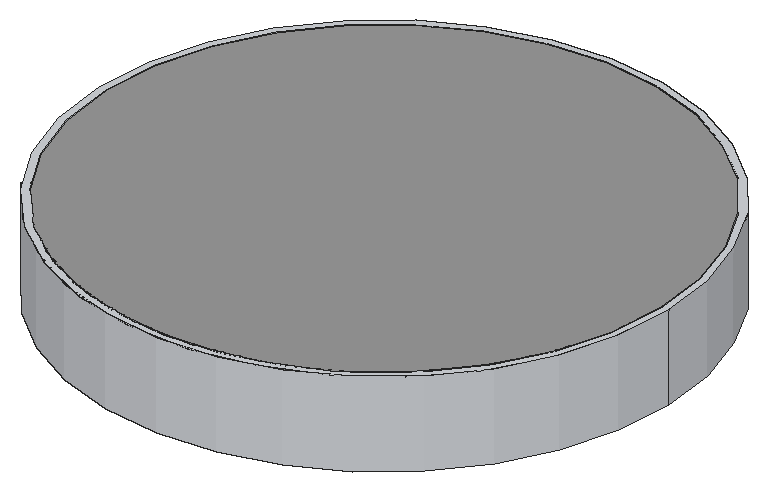
Revit family "2071120", category Lighting Fixtures, host Face, Revit 2018
Family settings
  Host = Face
  Round Connector Dimension = Use Diameter
  Part Type = Normal
  OmniClass Number = 23.80.70.00
  OmniClass Title = Lighting
  Cut with Voids When Loaded = No
  Light Source = Yes
  Shared = No
  Room Calculation Point = No
Parameters (values of type "2071120 COLOSSAL 400 840 PR DIR WHT SSC")
  iner diameter = 390 mm
  Weight = "n/a"
  Wattage Comments = ""
  Wattage = 30 W
  WarrantyStartDate [instance] = "n/a"
  WarrantyGuarantorParts = "n/a"
  WarrantyDurationUnit = "n/a"
  WarrantyDurationParts = ""
  WarrantyDescription = "http://www.sylvania-lighting.com"
  built-in parameter 1150110 = 1 (stored number, unit not read)
  Voltage = 230 V
  URL = "0.95"
  TypeName = "COLOSSAL 400mm 840 PRISM DIR WHITE SSC"
  Type Image = <None>
  Type Comments = "n/a"
  built-in parameter 1114217 = 1 (stored number, unit not read)
  Tilt Angle = -90.00°
  built-in parameter 1150109 = 1 (stored number, unit not read)
  built-in parameter 1150134 = (empty or 0)
  built-in parameter 1150113 = 1 (stored number, unit not read)
  SerialNumber [instance] = "n/a"
  Photometric Web File = "2071120.ies"
  Material_3_SYL = LED-Sylvania
  PowerFactor = 0
  PowerConsumption = "Lighting"
  NominalLength = 400 mm
  NominalHeight = 93 mm
  NominalDepth = 400 mm
  Name = "COLOSSAL 400mm 840 PRISM DIR WHITE SSC"
  ModelReference = Name  # "COLOSSAL 400mm 840 PRISM DIR WHITE SSC"
  ModelNumber = "2071120"
  Model = Name  # "COLOSSAL 400mm 840 PRISM DIR WHITE SSC"
  Material = "Feilo Sylvania"
  ManufacturerName = "122 lm/W"
  Manufacturer = ""
  LuminousEfficacy = ""
  built-in parameter 1150105 = 270.44 (stored number, unit not read)
  Lumens = 3398.4 lm
  LuminaireType = "0"
  built-in parameter 1150115 = 1 (stored number, unit not read)
  LightOutputRatio = "LED"
  built-in parameter 1150137 = (empty or 0)
  built-in parameter 1150139 = (empty or 0)
  LampsType = Lamp  # "n/a"
  LampNominalLuminous = "4000 K"
  LampMacAdamStep = "80"
  LampColourTemperature = "LED"
  LampColourRenderingIndex = "16500"
  built-in parameter 1150112 = 1 (stored number, unit not read)
  built-in parameter 1150114 = 1 (stored number, unit not read)
  Lamp = "n/a"
  Keynote = "n/a"
  InstallationDate [instance] = "n/a"
  InputVoltage = "0"
  InputNominalFrequency = "4000"
  built-in parameter 1150132 = (empty or 0)
  built-in parameter 1150102 = (empty or 0)
  built-in parameter 1150107 = 3000 (stored number, unit not read)
  built-in parameter 1150138 = (empty or 0)
  IngressProtection = "IfcLightFixtureType"
  ImpactProtectionIndex = "IfcLightFixtureType"
  built-in parameter 1150106 = 2.7044 (stored number, unit not read)
  IfcExportType = "IfcLightFixtureType"
  IfcExportAs = "Class I"
  Emit from Circle Diameter = 385 mm
  Emit Shape Visible in Rendering = no
  ElectricShockClassification = "122"
  built-in parameter 1150104 = 10.524 (stored number, unit not read)
  DocumentationLiterature = "http://www.sylvania-lighting.com/product/en-int/products/2071120"
  DimmingControlOptions = "n/a"
  Material_2_SYL = Polycarbonate_Sylvania_White
  Dimming Lamp Color Temperature Shift = <None>
  Description = "400mm diameter circular architectural luminaire, can be surface mounted or suspended. Powder coated aluminium housing (RAL9016) with PMMA prismatic diffuser. Direct light distribution, 1935lm luminuous flux, 15.9W system power, 122lm/W luminiaire efficacy. Sylsmart Standalone enabled. Colour rendering index Ra >80, 4000K Neutral White LED, chromaticity tolerance of 3-step MacAdam ellipse. IP40, IK03. 350mA drive current. UGR≤19. Electrical protection Class1, 220-240V. Reported lifetime 66k hours L90B10."
  Default Elevation = 1219.2 mm
  CreatedOn = "22/03/2022"
  CreatedBy = "@sylvania-lighting.com"
  Cost = 0
  Color Filter = 16777215
  built-in parameter 1114216 [instance] = (empty or 0)
  ClassificationValue = "EF_70_80"
  ClassificationName = "Uniclass2015"
  Material_1_SYL = Polycarbonate_Sylvania_Opal
  BarCode [instance] = "n/a"
  built-in parameter 1114218 = 1 (stored number, unit not read)
  built-in parameter 1150133 = 10 (stored number, unit not read)
  AssetType = "Fixed"
  AssetIdentifier [instance] = "n/a"
  Assembly Code = "D5020200"
  Apparent Load = 15.9 VA
  Material_4_SYL = none
Reference planes
  plane 1 "Center (Front/Back)": y = 0
  plane 2: z = 0
  plane 3 "Center (Left/Right)": x = 0
  plane 4: x = -200
  plane 5: x = 200
  plane 6: y = 200
  plane 7: y = -200
  plane 8: y = 236
  plane 9: y = -236
  plane 10: z = 93
  plane 11: y = 195
  plane 12: y = -195
  plane 13: y = 90.5
  plane 14: y = 144.5
  plane 15: through (52.25, 90.5, 1219.2) normal (0.866, 0.5, 0)
  plane 16: through (52.25, 90.5, 1219.2) normal (0.866, 0.5, 0)
  plane 17: through (63.706, 126.657, 1219.2) normal (0.866, 0.5, 0)
  plane 18: through (-104.5, 0, 1219.2) normal (-0.866, 0.5, 0)
  plane 19: through (-142.394, -9.633, 1219.2) normal (-0.866, 0.5, 0)
  plane 20: y = -90.5
  plane 21: y = -118.5
  plane 22: through (85.371, -141.133, 1219.2) normal (-0.866, 0.5, 0)
  plane 23: through (52.25, -90.5, 1219.2) normal (-0.866, 0.5, 0)
  plane 24: through (-161.658, 0, 1219.2) normal (0.866, 0.5, 0)
  plane 25: through (-172.12, 9.121, 1219.2) normal (0.866, 0.5, 0)
  plane 26: through (-104.5, 0, 1219.2) normal (0.866, 0.5, 0)
Forms (mm)
  Extrusion 1, solid, detail levels medium+fine
    sketch origin (0, 0, 0) x (1, 0, 0) y (0, 1, 0)
      loop
        circle (0, 0) r 200
    from 33.023 to 93
  Extrusion 2, void
    sketch origin (0, 0, 0) x (1, 0, 0) y (0, 1, 0)
      loop
        circle (0, 0) r 195
    from 93 to 37.292
  Extrusion 3, solid, material "Glass, White, High Luminance", detail levels fine
    sketch origin (0, 0, 0) x (1, 0, 0) y (0, 1, 0)
      loop
        circle (0, 0) r 195
    from 88.026 to 93
  Extrusion 4, solid, detail levels coarse
    sketch origin (0, 0, 0) x (1, 0, 0) y (0, 1, 0)
      loop
        line (-200, 200) -> (-200, -200) -> (200, -200) -> (200, 200) -> (-200, 200)
    from 0 to 93
  Blend 5, solid, detail levels medium+fine
    base sketch origin (0, 0, 0) x (1, 0, 0) y (0, 1, 0)
      loop
        line (-52.25, 90.5) -> (-104.5, 0) -> (-52.25, -90.5) -> (52.25, -90.5) -> (104.5, 0) -> (52.25, 90.5) -> (-52.25, 90.5)
    top sketch origin (0, 0, 0) x (1, 0, 0) y (0, 1, 0)
      loop
        line (-53.405, 144.5) -> (-149.245, -21.5) -> (-93.242, -118.5) -> (98.438, -118.5) -> (151.843, -26) -> (53.405, 144.5) -> (-53.405, 144.5)
    from 0 to 33.023
Cuts and joins
  Extrusion 2 cuts Extrusion 1
Dimensions and locks
  "NominalDepth": plane 6 to plane 7
  "NominalLength": plane 4 to plane 5
  equal spacing: plane 4, plane 3 "Center (Left/Right)", plane 5
  "iner diameter": plane 11 to plane 12
  equal spacing: plane 11, plane 1 "Center (Front/Back)", plane 12
  equal spacing: plane 6, plane 1 "Center (Front/Back)", plane 7
  "NominalHeight": plane 10 to level
  plane 19 to plane 18 = 28 mm
  radius of Extrusion 2 sketch curve = 195 mm
  aligned and locked: plane 2 to host face
  aligned and locked: level to host face
Automatic sketch dimensions
  host sketch curve to host sketch curve = 2438.4 mm  (x2)
  plane 1 "Center (Front/Back)" to Extrusion 1 sketch curve = 0 mm
  Extrusion 1 sketch curve to plane 3 "Center (Left/Right)" = 0 mm
  plane 1 "Center (Front/Back)" to Extrusion 2 sketch curve = 0 mm
  Extrusion 2 sketch curve to plane 3 "Center (Left/Right)" = 0 mm
  plane 1 "Center (Front/Back)" to Extrusion 3 sketch curve = 0 mm
  Extrusion 3 sketch curve to plane 3 "Center (Left/Right)" = 0 mm
  Extrusion 4 sketch curve to plane 4 = 0 mm
  Extrusion 4 sketch curve to plane 5 = 0 mm
  Extrusion 4 sketch curve to plane 7 = 0 mm
  Extrusion 4 sketch curve to plane 6 = 0 mm
  Blend 5 sketch curve to plane 19 = 0 mm  (x2)
  Blend 5 sketch curve to plane 24 = 0 mm  (x2)
  Blend 5 sketch curve to plane 21 = 0 mm
  Blend 5 sketch curve to plane 14 = 0 mm
  Blend 5 sketch curve to plane 17 = 0 mm  (x2)
  Blend 5 sketch curve to plane 22 = 0 mm  (x2)
  radius of Extrusion 1 sketch curve = 200 mm
  radius of Extrusion 3 sketch curve = 195 mm
Connectors
  electrical at (0, 0, 0), driven by "Apparent Load", driven by "PowerFactor", driven by "Voltage"
    settings: index 1, voltage 230 V, apparent load 15.9 VA, apparent load phase1 0 VA, apparent load phase2 0 VA, apparent load phase3 0 VA, power factor 0, load classification "Lighting", number of poles 1, system type 30, power factor state 1, is connector primary yes, connector utility no, sub classification motor no, connector description ""
